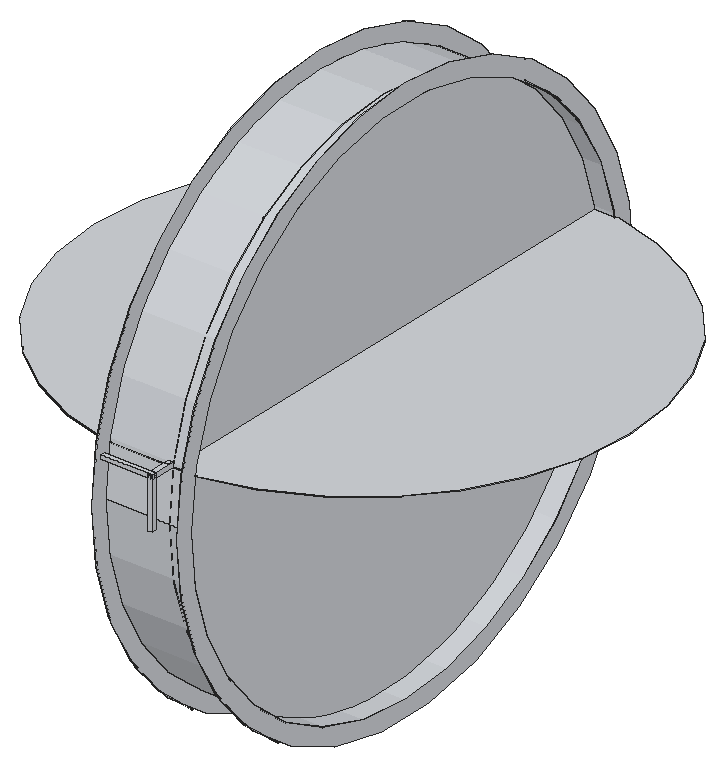
Revit family "НЕВАТОМ_Клапан КО_20220407", category Арматура воздуховодов, Revit 2017
Family settings
  Размер круглого соединителя = Использовать диаметр
  Тип детали = Вставляется
  На основе рабочей плоскости = Нет
  Всегда вертикально = Нет
  При загрузке вырезать с полостями = Нет
  Общий = Нет
Parameters (values of type "КО Ø 1250")
  Открыто = yes
  Материал корпуса = Материал корпуса
  Закрыто = yes
  t = 1 mm
  n = 6
  d = 10 mm
  Nevatom_Частотный преобразователь = ""
  Nevatom_Регулятор расхода = ""
  Nevatom_URL = "https://t.me/NEVATOM_Bim_bot"
  Nevatom_ Для задания электроснабжения = ""
  Dt = D + 2 * t  # 1252 mm
  D2 = 1330 mm
  откр = D / 10  # 125 mm
  ADSK_Ток = 0 A
  ADSK_Размер_Ширина = 200 mm  # constant formula
  ADSK_Размер_Длина = D2  # 1330 mm
  ADSK_Размер_Высота = D2  # 1330 mm
  ADSK_Полная мощность = 0 VA
  ADSK_Напряжение = 0 V
  ADSK_Материал наименование = "Оцинкованная сталь"  # constant formula
  50 = 50 mm
  200 = 200 mm
  D1 = 1282 mm
  D = 1250 mm
  ADSK_Примечание = ""
  ADSK_Позиция = ""
  ADSK_Наименование = "КЛАПАН ОБРАТНЫЙ"
  ADSK_Масса_Текст = "кг"
  ADSK_Масса = 0
  ADSK_Марка = "КО Ø 1250"
  ADSK_Код изделия = ""
  ADSK_Завод-изготовитель = "NEVATOM"
  ADSK_Единица измерения = "шт."
Types (16, lengths in mm): name | Dt | D2 | откр | ADSK_Размер_Длина | ADSK_Размер_Высота | D1 | D | ADSK_Марка
  (no name) | 1252 | 1330 | 125 | 1330 | 1330 | 1282 | 1250 | "КО Ø 1250"
  КО Ø 160 | 162 | 220 | 16 | 220 | 220 | 190 | 160 | "КО Ø 160"
  КО Ø 200 | 202 | 260 | 20 | 260 | 260 | 230 | 200 | "КО Ø 200"
  КО Ø 250 | 252 | 310 | 25 | 310 | 310 | 280 | 250 | "КО Ø 250"
  КО Ø 315 | 317 | 375 | 31.5 | 375 | 375 | 345 | 315 | "КО Ø 315"
  КО Ø 355 | 357 | 415 | 35.5 | 415 | 415 | 385 | 355 | "КО Ø 355"
  КО Ø 400 | 402 | 460 | 40 | 460 | 460 | 425 | 400 | "КО Ø 400"
  КО Ø 500 | 502 | 560 | 50 | 560 | 560 | 525 | 500 | "КО Ø 500"
  КО Ø 560 | 562 | 620 | 56 | 620 | 620 | 585 | 560 | "КО Ø 560"
  КО Ø 630 | 632 | 690 | 63 | 690 | 690 | 655 | 630 | "КО Ø 630"
  КО Ø 710 | 712 | 790 | 71 | 790 | 790 | 742 | 710 | "КО Ø 710"
  КО Ø 800 | 802 | 880 | 80 | 880 | 880 | 832 | 800 | "КО Ø 800"
  КО Ø 900 | 902 | 980 | 90 | 980 | 980 | 932 | 900 | "КО Ø 900"
  КО Ø 1000 | 1002 | 1080 | 100 | 1080 | 1080 | 1032 | 1000 | "КО Ø 1000"
  КО Ø 1120 | 1122 | 1184 | 112 | 1184 | 1184 | 1152 | 1120 | "КО Ø 1120"
  КО Ø 1250 | 1252 | 1330 | 125 | 1330 | 1330 | 1282 | 1250 | "КО Ø 1250"
Reference planes
  plane 1 "По центру (Вперед/Назад)": y = 0
  plane 2: z = 0
  plane 3 "По центру (Влево/Вправо)": x = 0
  plane 4: x = -100
  plane 5: x = 100
  plane 6: x = -99
  plane 7: x = 99
  plane 8: z = 125
  plane 9: z = 115.209
  plane 10: y = -626
  plane 11: y = 626
  plane 12: x = 50
  plane 13: y = -665
  plane 14: y = -675
  plane 15: y = 665
  plane 16: y = -695
  plane 17: z = 5
  plane 18: x = 40
  plane 19: x = -70
Forms (mm)
  Extrusion 1, solid
    sketch origin (0, 0, 0) x (0, 1, 0) y (0, 0, 1)
      loop
        circle (0, 0) r 625
      loop
        circle (0, 0) r 626
    from -99 to 99
  Extrusion 2, solid
    sketch origin (0, 0, 0) x (0, 1, 0) y (0, 0, 1)
      loop
        circle (0, 0) r 665
      loop
        circle (0, 0) r 625
    from 99 to 100
  Extrusion 3, solid
    sketch origin (0, 0, 0) x (0, 1, 0) y (0, 0, 1)
      loop
        circle (0, 0) r 665
      loop
        circle (0, 0) r 625
    from -100 to -99
  Extrusion 4, solid, visible <- "Открыто"
    sketch origin (0, 0, 0) x (1, 0, 0) y (0, 1, 0)
      loop
        circle (0, 0) r 625
    from 114.209 to 115.209
  Extrusion 5, solid, visible <- "Закрыто"
    sketch origin (0, 0, 0) x (0, 1, 0) y (0, 0, 1)
      loop
        circle (0, 0) r 625
    from 49 to 50
  Extrusion 6, void
    sketch origin (0, 0, 0) x (0, 1, 0) y (0, 0, 1)
      loop
        circle (0, 0) r 665
      loop
        circle (0, 0) r 626
    from -99 to 99
  Extrusion 7, solid
    sketch origin (0, 0, 0) x (0, 1, 0) y (0, 0, 1)
      loop
        line (-626, 125) -> (-626, 115.209) -> (626, 115.209) -> (626, 125) -> (-626, 125)
    from 40.382 to 49
  Extrusion 8, solid, visible <- "Закрыто"
    sketch origin (0, 0, 0) x (0, 1, 0) y (0, 0, 1)
      loop
        line (-675, 125) -> (-675, 5) -> (-665, 5) -> (-665, 125) -> (-675, 125)
    from 40 to 50
  Extrusion 9, solid
    sketch origin (0, 0, 0) x (1, 0, 0) y (0, 1, 0)
      loop
        line (40, 0) -> (40, -675) -> (50, -675) -> (50, 0) -> (40, 0)
    from 115.209 to 125
  Extrusion 10, solid, visible <- "Открыто"
    sketch origin (0, 0, 0) x (0, 1, 0) y (0, 0, 1)
      loop
        line (-675, 125) -> (-675, 115.209) -> (-665, 115.209) -> (-665, 125) -> (-675, 125)
    from -70 to 50
Cuts and joins
  Extrusion 6 cuts Extrusion 1
  Extrusion 6 cuts Extrusion 2
  Extrusion 6 cuts Extrusion 4
Dimensions and locks
  equal spacing: plane 5, plane 3 "По центру (Влево/Вправо)", plane 4
  "200": plane 5 to plane 4
  equal spacing: plane 4, plane 3 "По центру (Влево/Вправо)", plane 5
  plane 4 to plane 5 = 200 mm
  "t": plane 4 to plane 6
  "t": plane 7 to plane 5
  "откр": plane 8 to level
  locked: plane 8 to plane 9 at 9.791
  equal spacing: plane 10, plane 1 "По центру (Вперед/Назад)", plane 11
  "Dt": plane 10 to plane 11
  "50": plane 12 to plane 3 "По центру (Влево/Вправо)"
  "t": Extrusion 5 to plane 12
  "t": plane 9 to Extrusion 4
  locked: plane 3 "По центру (Влево/Вправо)" to plane 12 at 50
  locked: Extrusion 5 to Extrusion 7 at 9.618
  equal spacing: plane 13, plane 1 "По центру (Вперед/Назад)", plane 15
  "D2": plane 13 to plane 15
  plane 14 to plane 13 = 10 mm
  plane 16 to plane 14 = 20 mm
  locked: plane 8 to plane 17 at 120
  locked: plane 18 to plane 12 at 10
  plane 8 to level = 125 mm
  "D": diameter of Extrusion 1 sketch curve
  "Dt": diameter of Extrusion 1 sketch curve
  "D": diameter of Extrusion 2 sketch curve
  "D2": diameter of Extrusion 2 sketch curve
  "D": diameter of Extrusion 3 sketch curve
  "D2": diameter of Extrusion 3 sketch curve
  "D": diameter of Extrusion 4 sketch curve
  "D": diameter of Extrusion 5 sketch curve
  "D2": diameter of Extrusion 6 sketch curve
  aligned and locked: level to plane 2
  aligned and locked: Extrusion 1 to plane 6
  aligned and locked: Extrusion 1 to plane 7
  aligned and locked: plane 6 to Extrusion 1
  aligned and locked: Extrusion 2 to plane 7
  aligned and locked: plane 5 to Extrusion 2
  aligned and locked: Extrusion 3 to plane 4
  aligned and locked: Extrusion 3 to plane 6
  aligned and locked: Extrusion 4 to plane 9
  aligned and locked: Extrusion 6 sketch curve to Extrusion 1
  aligned and locked: Extrusion 6 to plane 6
  aligned and locked: Extrusion 6 to plane 7
  aligned and locked: plane 12 to Extrusion 5
  aligned and locked: Extrusion 7 sketch curve to plane 8
  aligned and locked: Extrusion 7 sketch curve to plane 9
  aligned and locked: Extrusion 7 sketch curve to plane 11
  aligned and locked: plane 10 to Extrusion 7 sketch curve
  aligned and locked: Extrusion 7 to Extrusion 5
  aligned and locked: plane 17 to Extrusion 8 sketch curve
  aligned and locked: Extrusion 8 sketch curve to plane 13
  aligned and locked: plane 14 to Extrusion 8 sketch curve
  aligned and locked: Extrusion 8 sketch curve to plane 8
  aligned and locked: plane 12 to Extrusion 8
  aligned and locked: Extrusion 8 to plane 14
  aligned and locked: plane 14 to Extrusion 9 sketch curve
  aligned and locked: Extrusion 9 sketch curve to plane 12
  aligned and locked: Extrusion 9 sketch curve to plane 18
  aligned and locked: plane 8 to Extrusion 9
  aligned and locked: Extrusion 9 to plane 9
  aligned and locked: Extrusion 9 to plane 18
  aligned and locked: plane 12 to Extrusion 9
  aligned and locked: Extrusion 9 to plane 14
  aligned and locked: plane 13 to Extrusion 8
  aligned and locked: Extrusion 10 sketch curve to plane 8
  aligned and locked: plane 9 to Extrusion 10 sketch curve
  aligned and locked: plane 14 to Extrusion 10 sketch curve
  aligned and locked: Extrusion 10 sketch curve to plane 13
  aligned and locked: plane 19 to Extrusion 10
  aligned and locked: Extrusion 10 to plane 19
  aligned and locked: plane 12 to Extrusion 10
  aligned and locked: Extrusion 9 to plane 1 "По центру (Вперед/Назад)"
  aligned and locked: nested 1 to Extrusion 9
  aligned and locked: Extrusion 9 to nested 1
  aligned and locked: nested 1 to Extrusion 10
Automatic sketch dimensions
  Extrusion 9 sketch curve to Extrusion 9 sketch curve = 675 mm
  Extrusion 1 sketch curve to Extrusion 1 sketch curve = 0 mm  (x2)
  Extrusion 1 sketch curve to level = 0 mm
  Extrusion 1 sketch curve to plane 1 "По центру (Вперед/Назад)" = 0 mm
  Extrusion 2 sketch curve to Extrusion 2 sketch curve = 0 mm  (x2)
  Extrusion 2 sketch curve to level = 0 mm
  Extrusion 2 sketch curve to plane 1 "По центру (Вперед/Назад)" = 0 mm
  Extrusion 3 sketch curve to Extrusion 3 sketch curve = 0 mm  (x2)
  Extrusion 3 sketch curve to level = 0 mm
  Extrusion 3 sketch curve to plane 1 "По центру (Вперед/Назад)" = 0 mm
  plane 1 "По центру (Вперед/Назад)" to Extrusion 4 sketch curve = 0 mm
  Extrusion 4 sketch curve to plane 3 "По центру (Влево/Вправо)" = 0 mm
  Extrusion 5 sketch curve to level = 0 mm
  Extrusion 5 sketch curve to plane 1 "По центру (Вперед/Назад)" = 0 mm
  Extrusion 6 sketch curve to Extrusion 6 sketch curve = 0 mm  (x2)
Nested families
  nested 1: "НЕВАТОМ_QR-AxB" at (25, -650, 125), type "Nevatom_Logo_50x50", not visible
Connectors
  hvac at (-99, 0, 0), driven by "D"
    settings: on cut or joined group of Extrusion 1, Extrusion 6, index 1, duct flow 0.0 L/s, flow factor 0, pres drop 0.0 Pa, loss coef 0, conn angle 0.00°, conn width 304.8 mm, conn height 304.8 mm, conn diameter 1250 mm, duct sys type 29, conn prof type 0, flow config 0, flow direction 0, loss method 0, conn ref index 2, conn util no, is conn primary yes, conn desc ""
  hvac at (100, 0, 0), driven by "D"
    settings: on cut or joined group of Extrusion 2, Extrusion 6, index 2, duct flow 0.0 L/s, flow factor 0, pres drop 0.0 Pa, loss coef 0, conn angle 0.00°, conn width 304.8 mm, conn height 304.8 mm, conn diameter 1250 mm, duct sys type 29, conn prof type 0, flow config 0, flow direction 0, loss method 0, conn ref index 1, conn util no, is conn primary no, conn desc ""
Definition of nested family "НЕВАТОМ_QR-AxB"
  Parameters (values of type "Nevatom_Logo_25x25")
    Logo_Image = none
    L = 2 mm
    B = A  # 25 mm
    A = 25 mm
  Types (5, lengths in mm): name | B | A
    (no name) | 25 | 25
    Nevatom_Logo_200x200 | 200 | 200
    Nevatom_Logo_100x100 | 100 | 100
    Nevatom_Logo_50x50 | 50 | 50
    Nevatom_Logo_25x25 | 25 | 25
  Reference planes
    plane 1 "По центру (Вперед/Назад)": y = 0
    plane 2: z = 0
    plane 3 "По центру (Влево/Вправо)": x = 0
    plane 4: x = -12.5
    plane 5: x = 12.5
    plane 6: y = 12.5
    plane 7: y = -12.5
  Forms (mm)
    Extrusion 1, solid, material <- "Logo_Image"
      sketch origin (0, 0, 0) x (1, 0, 0) y (0, 1, 0)
        loop
          line (-12.5, 12.5) -> (-12.5, -12.5) -> (12.5, -12.5) -> (12.5, 12.5) -> (-12.5, 12.5)
      from 0 to 2 <- "L"
  Lines and regions (mm)
    reference lines
      curve 1: line (-12.5, 12.5, 0) -> (12.5, 12.5, 0)
      curve 2: line (12.5, 12.5, 0) -> (12.5, -12.5, 0)
      curve 3: line (12.5, -12.5, 0) -> (-12.5, -12.5, 0)
      curve 4: line (-12.5, -12.5, 0) -> (-12.5, 12.5, 0)
  Dimensions and locks
    equal spacing: plane 4, plane 3 "По центру (Влево/Вправо)", plane 5
    "A": plane 4 to plane 5
    equal spacing: plane 6, plane 1 "По центру (Вперед/Назад)", plane 7
    "B": plane 6 to plane 7
    aligned and locked: level to plane 2
    aligned and locked: plane 6 to curve 1
    aligned and locked: plane 4 to curve 4
    aligned and locked: plane 5 to curve 2
    aligned and locked: plane 7 to curve 3
    aligned and locked: Extrusion 1 sketch curve to curve 1
    aligned and locked: Extrusion 1 sketch curve to curve 4
    aligned and locked: Extrusion 1 sketch curve to curve 3
    aligned and locked: Extrusion 1 sketch curve to curve 2
